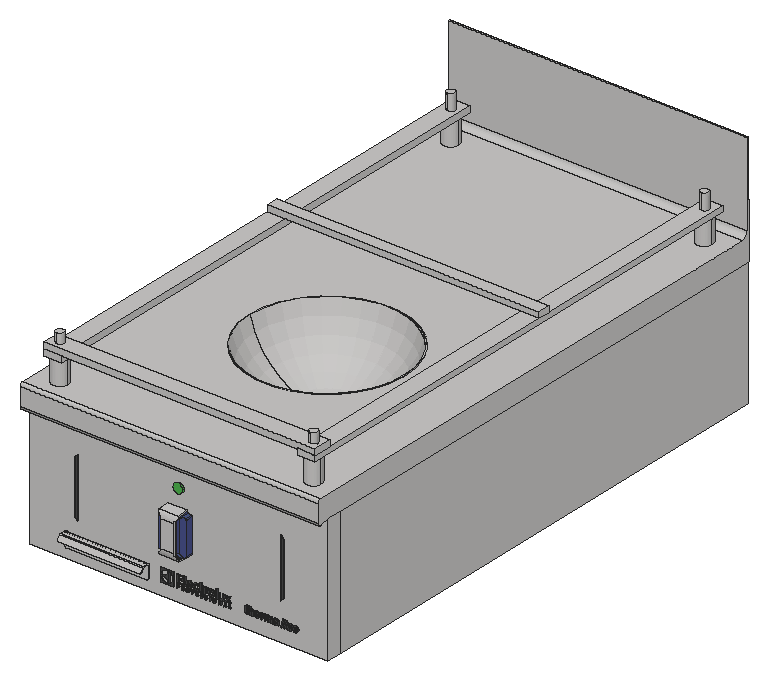
Revit family "QF_ELECTROLUXPROFESSIONAL_589928_HCIHBBEODM", category Specialty Equipment, Revit 2023
Family settings
  Round Connector Dimension = Use Diameter
  Part Type = Normal
  Work Plane-Based = No
  Enable Cutting in Views = No
  Always vertical = Yes
  Cut with Voids When Loaded = No
  Maintain Annotation Orientation = No
  Shared = No
  Room Calculation Point = No
Parameters (values of type "Standard")
  Weight = 50.00 kg
  Watts = 0 W
  Volts = 440 V
  URL Manufacturer = "http://www.electroluxprofessional.com"
  URL = "http://www.electroluxprofessional.com"
  ThermaLine_Logo_Visible [instance] = yes
  Steam Supply Size = 0"
  Steam Supply Minimum Pressure = 0.00 psi
  Steam Supply Maximum Pressure = 0.00 psi
  Steam Consumption per Hour = 0
  Refrigeration Suction Line Size = 0 mm
  Refrigeration Liquid Line Size = 0 mm
  Refrigerant Compressor Remote = yes
  Default Elevation = 0 mm
  Phase = 3
  Model = "HCIHBBEODM"
  Manufacturer = "Electrolux Professional"
  Length Actual = 500 mm
  Item Number = "589928"
  Hot Water Size = 0"
  Height Actual = 250 mm
  HP = "6.7 HP"
  Gas Size = 0"
  Gas KW = 0
  Gas Input Pressure = 0.0 Btu/h
  Electrolux_Logo_Visible [instance] = yes
  Direct Waste Size = 0"
  Description = "INDUCTION WOK, 1 ZONE, 1-SIDE, SPLASHBACK, 500X900X250H MARINE USPHS (ONLY M2M)"
  Depth Actual = 900 mm
  Cycle = 60 Hz
  Condensate Return Size = 0"
  Compressed Air Volume = 0 GPM
  Compressed Air Size = 0"
  Compressed Air Pressure = 0.00 psi
  Cold Water Size = 0"
  Accessory = no
Reference planes
  plane 1 "BACK": y = 0
  plane 2: z = 0
  plane 3 "LEFT": x = 0
  plane 4 "RIGHT": x = 500
  plane 5 "FRONT": y = -900
  plane 6 "TOP": z = 900
  plane 7 "Center (Left/Right)": x = 250
  plane 8 "Center (Back/Front)": y = -450
  plane 9: y = -150
  plane 10: x = 80
  plane 11: x = 420
  plane 12: y = -420
  plane 13 "EIx": x = 455
  plane 14 "EIy": y = -410
  plane 15: z = 938
  plane 16 "BaseTop": z = 650
  plane 17: y = -855
  plane 18 "CenterWok": z = 975
  plane 19 "CenterWokY": y = -570
Forms (mm)
  Extrusion 1, solid, material "QF_Finishes_Stainless Steel"
    sketch origin (0, 0, 650) x (-1, 0, 0) y (0, -1, 0)
      loop
        line (0, 0) -> (0, 855) -> (-500, 855) -> (-500, 0) -> (0, 0)
    from 0 to 212.969
  Extrusion 2, solid, material "QF_Finishes_Stainless Steel"
    sketch origin (0, 0, 650) x (-1, 0, 0) y (0, -1, 0)
      loop
        circle (-455, 410) r 6.35
    from 0 to -11.851
  Extrusion 3, solid, material "QF_Finishes_Stainless Steel"
    sketch origin (250, 296.4, 1219.2) x (0, 1, 0) y (0, 0, 1)
      loop
        arc (-1191.4, -319.2) -> (-1194.935, -320.664) -> (-1196.4, -324.2) r 5
        line (-1196.4, -324.2) -> (-1196.4, -355.2)
        arc (-1196.4, -355.2) -> (-1194.971, -358.264) -> (-1191.705, -359.139) r 4
        line (-1191.705, -359.139) -> (-1176.4, -356.231) -> (-296.4, -356.231) -> (-296.4, -169.2) -> (-298.4, -169.2) -> (-298.4, -309.2)
        arc (-298.4, -309.2) -> (-301.329, -316.271) -> (-308.4, -319.2) r 10
        line (-308.4, -319.2) -> (-1191.4, -319.2)
    from -250 to 250
  Revolve 4, void
    sketch origin (0, -570, 0) x (-1, 0, 0) y (0, 0, 1)
      loop
        line (-250, 900) -> (-250, 796.046)
        arc (-250, 796.046) -> (-166.56, 825.209) -> (-119.452, 900) r 133.95
        line (-119.452, 900) -> (-250, 900)
      axis (-250, 900) -> (-250, 796.046)
    angle from 0 to 360
  Revolve 5, solid, material "QF_Finishes_Stainless Steel"
    sketch origin (0, -570, 0) x (-1, 0, 0) y (0, 0, 1)
      loop
        arc (-120.643, 900) -> (-167.423, 826.111) -> (-250, 797.321) r 132.823
        line (-250, 797.321) -> (-250, 796.252)
        arc (-250, 796.252) -> (-166.66, 825.351) -> (-119.546, 900) r 133.892
        line (-119.546, 900) -> (-120.643, 900)
      axis (-250, 796.252) -> (-250, 900)
    angle from 0 to 360
  Extrusion 6, solid, material "QF_Finishes_Stainless Steel"
    sketch origin (0, 0, 900) x (-1, 0, 0) y (0, -1, 0)
      loop
        line (-22.542, 24.974) -> (-22.542, 879) -> (-52.542, 879) -> (-52.542, 24.974) -> (-22.542, 24.974)
      loop
        line (-477.542, 24.974) -> (-447.542, 24.974) -> (-447.542, 879) -> (-477.542, 879) -> (-477.542, 24.974)
      loop
        circle (-37.542, 44.974) r 6.5
      loop
        circle (-462.542, 44.974) r 6.5
      loop
        circle (-462.542, 863.974) r 6.5
      loop
        circle (-37.458, 863.974) r 6.5
    from 40 to 50
  Extrusion 7, solid, material "QF_Finishes_Stainless Steel"
    sketch origin (97.542, 0.026, 960) x (0, 1, 0) y (-1, 0, 0)
      loop
        line (-390.026, 75) -> (-410.026, 75) -> (-410.026, -380) -> (-390.026, -380) -> (-390.026, 75)
      loop
        line (-849.026, -380) -> (-849.026, 75) -> (-879.026, 75) -> (-879.026, -380) -> (-849.026, -380)
    from -10 to 0
  Extrusion 8, solid, material "QF_Finishes_Stainless Steel"
    sketch origin (97.542, -0.974, 900) x (-1, 0, 0) y (0, -1, 0)
      loop
        circle (60, 44) r 13
      loop
        circle (-365, 44) r 13
      loop
        circle (60, 863) r 13
      loop
        circle (-365, 863) r 13
    from 0 to 40
  Extrusion 9, solid, material "QF_Finishes_Stainless Steel"
    sketch origin (97.542, -0.974, 940) x (0, 1, 0) y (-1, 0, 0)
      loop
        circle (-863, 60) r 6.5
      loop
        circle (-863, -365) r 6.5
      loop
        circle (-44, 60) r 6.5
      loop
        circle (-44, -365) r 6.5
    from 0 to 35
  Extrusion 10, solid, material "QF_Clearances", detail levels coarse
    sketch origin (0, -900, 0) x (1, 0, 0) y (0, 0, 1)
      loop
        line (0, 650) -> (0, 630) -> (500, 630) -> (500, 650) -> (0, 650)
    from -20 to -70
Cuts and joins
  Revolve 4 cuts Extrusion 3
  Revolve 4 cuts Extrusion 1
Lines and regions (mm)
  symbolic lines
    curve 1: line (0, 0, 100) -> (500, 0, 100)
    curve 2: line (0, -900, 100) -> (0, 0, 100)
    curve 3: line (500, -900, 100) -> (0, -900, 100)
    curve 4: line (500, 0, 100) -> (500, -900, 100)
    curve 5: circle (250, -570, 0) r 135 normal (0, 0, 1)
    curve 6: line (22.542, -59.974, 900) -> (22.542, -24.974, 900)
    curve 7: line (477.542, -24.974, 900) -> (477.542, -59.974, 900)
    curve 8: line (22.542, -390, 900) -> (477.542, -390, 900)
    curve 9: line (22.542, -410, 900) -> (22.542, -390, 900)
    curve 10: line (477.542, -410, 900) -> (22.542, -410, 900)
    curve 11: line (477.542, -390, 900) -> (477.542, -410, 900)
    curve 12: line (22.542, -849, 900) -> (477.542, -849, 900)
    curve 13: line (22.542, -879, 900) -> (22.542, -849, 900)
    curve 14: line (477.542, -879, 900) -> (22.542, -879, 900)
    curve 15: line (477.542, -849, 900) -> (477.542, -879, 900)
    curve 16: line (22.542, -59.974, 900) -> (22.542, -390, 900)
    curve 17: line (22.542, -410, 900) -> (22.542, -849, 900)
    curve 18: line (477.542, -849, 900) -> (477.542, -410, 900)
    curve 19: line (477.542, -390, 900) -> (477.542, -59.974, 900)
    curve 20: line (447.542, -24.974, 900) -> (447.542, -390, 900)
    curve 21: line (447.542, -410, 900) -> (447.542, -849, 900)
    curve 22: line (52.542, -390, 900) -> (52.542, -24.974, 900)
    curve 23: circle (37.542, -44.974, 900) r 6.5 normal (0, 0, 1)
    curve 24: circle (462.542, -44.974, 900) r 6.5 normal (0, 0, 1)
    curve 25: circle (37.542, -863.974, 900) r 6.5 normal (0, 0, 1)
    curve 26: circle (462.542, -863.974, 900) r 6.5 normal (0, 0, 1)
    curve 27: line (52.542, -849, 900) -> (52.542, -410, 900)
    curve 28: line (22.542, -24.974, 900) -> (52.542, -24.974, 900)
    curve 29: line (477.542, -24.974, 900) -> (447.542, -24.974, 900)
Dimensions and locks
  plane 3 "LEFT" to plane 4 "RIGHT" = 500 mm
  plane 5 "FRONT" to plane 1 "BACK" = 900 mm
  equal spacing: plane 3 "LEFT", plane 7 "Center (Left/Right)", plane 4 "RIGHT"
  equal spacing: plane 5 "FRONT", plane 8 "Center (Back/Front)", plane 1 "BACK"
  plane 6 "TOP" to level = 900 mm  (x2)
  plane 1 "BACK" to plane 9 = 150 mm
  plane 1 "BACK" to Extrusion 2 = 410 mm
  locked: plane 13 "EIx" to plane 4 "RIGHT" at 45
  plane 14 "EIy" to plane 1 "BACK" = 410 mm
  plane 15 to plane 6 "TOP" = 38 mm
  plane 3 "LEFT" to plane 10 = 80 mm
  plane 11 to plane 4 "RIGHT" = 80 mm
  locked: plane 6 "TOP" to plane 16 "BaseTop" at 250
  locked: plane 17 to plane 5 "FRONT" at 45
  plane 18 "CenterWok" to plane 6 "TOP" = 75 mm  (x2)
  plane 5 "FRONT" to plane 19 "CenterWokY" = 330 mm
  aligned and locked: level to plane 2
  aligned and locked: nested 1 to plane 17
  aligned and locked: Extrusion 1 to plane 17
  aligned and locked: plane 3 "LEFT" to nested 1
  aligned and locked: cut or joined group of Extrusion 1, Revolve 4 to plane 16 "BaseTop"
  aligned and locked: cut or joined group of Extrusion 1, Revolve 4 to cut or joined group of Extrusion 3, Revolve 4
Automatic sketch dimensions
  Extrusion 2 sketch curve to plane 13 "EIx" = 0 mm
  Extrusion 2 sketch curve to plane 14 "EIy" = 0 mm
  curve 5 to plane 7 "Center (Left/Right)" = 0 mm
  curve 5 to plane 19 "CenterWokY" = 0 mm
  plane 1 "BACK" to curve 1 = 0 mm
  curve 1 to plane 4 "RIGHT" = 0 mm
  curve 3 to plane 3 "LEFT" = 0 mm
  plane 5 "FRONT" to curve 3 = 0 mm
  Revolve 4 sketch curve to plane 7 "Center (Left/Right)" = 0 mm  (x2)
  Revolve 4 sketch curve to plane 6 "TOP" = 0 mm
  Revolve 4 sketch curve to plane 10 = 39.452 mm
  Revolve 4 sketch curve to plane 6 "TOP" = 103.954 mm
  Revolve 4 sketch curve to Revolve 4 sketch curve = 0 mm
  plane 18 "CenterWok" to Revolve 4 sketch curve = 139.996 mm
  Revolve 5 sketch curve to Revolve 5 sketch curve = 0 mm  (x2)
  Revolve 5 sketch curve to plane 7 "Center (Left/Right)" = 0 mm  (x2)
  Revolve 5 sketch curve to plane 6 "TOP" = 0 mm
  Revolve 5 sketch curve to plane 10 = 40.643 mm
  Revolve 5 sketch curve to Revolve 5 sketch curve = 1.098 mm
  Revolve 5 sketch curve to plane 6 "TOP" = 102.679 mm
  Revolve 5 sketch curve to Revolve 5 sketch curve = 3.331 mm
  plane 15 to Revolve 5 sketch curve = 2.653 mm
  Extrusion 1 sketch curve to plane 4 "RIGHT" = 0 mm
  Extrusion 1 sketch curve to plane 3 "LEFT" = 0 mm
  Extrusion 1 sketch curve to plane 17 = 0 mm
  Extrusion 8 sketch curve to plane 13 "EIx" = 7.542 mm  (x2)
  Extrusion 8 sketch curve to plane 17 = 8.974 mm  (x2)
  plane 3 "LEFT" to Extrusion 8 sketch curve = 37.542 mm  (x2)
  Extrusion 9 sketch curve to plane 17 = 8.974 mm  (x2)
  Extrusion 9 sketch curve to plane 13 "EIx" = 7.542 mm  (x2)
  plane 3 "LEFT" to Extrusion 9 sketch curve = 37.542 mm  (x2)
  plane 10 to Extrusion 10 sketch curve = 80 mm
  Extrusion 10 sketch curve to plane 4 "RIGHT" = 0 mm
  Extrusion 10 sketch curve to plane 16 "BaseTop" = 20 mm
  Extrusion 10 sketch curve to plane 18 "CenterWok" = 325 mm
  Extrusion 7 sketch curve to plane 5 "FRONT" = 21 mm
  Extrusion 7 sketch curve to plane 12 = 10 mm
  Extrusion 7 sketch curve to Extrusion 7 sketch curve = 20 mm
  plane 4 "RIGHT" to Extrusion 7 sketch curve = 22.458 mm  (x2)
  plane 3 "LEFT" to Extrusion 7 sketch curve = 22.542 mm  (x2)
  plane 17 to Extrusion 7 sketch curve = 6 mm
  plane 4 "RIGHT" to curve 29 = 22.458 mm
  curve 24 to plane 13 "EIx" = 7.542 mm
  curve 26 to plane 17 = 8.974 mm
  curve 26 to plane 13 "EIx" = 7.542 mm
  plane 10 to curve 22 = 27.458 mm
  curve 22 to curve 23 = 15 mm
  curve 25 to plane 17 = 8.974 mm
  plane 3 "LEFT" to curve 25 = 37.542 mm
  plane 3 "LEFT" to curve 9 = 22.542 mm
  plane 17 to curve 15 = 6 mm
  curve 17 to plane 12 = 10 mm
  curve 11 to curve 10 = 20 mm
  curve 24 to curve 7 = 15 mm
  curve 23 to curve 6 = 15 mm
  plane 1 "BACK" to curve 28 = 24.974 mm
  plane 1 "BACK" to curve 29 = 24.974 mm
  curve 14 to plane 5 "FRONT" = 21 mm
  plane 13 "EIx" to curve 21 = 7.458 mm
  plane 13 "EIx" to curve 20 = 7.458 mm
  curve 27 to curve 22 = 0 mm
  plane 4 "RIGHT" to Extrusion 6 sketch curve = 22.458 mm
  Extrusion 6 sketch curve to plane 13 "EIx" = 7.542 mm  (x2)
  plane 13 "EIx" to Extrusion 6 sketch curve = 7.458 mm
  plane 10 to Extrusion 6 sketch curve = 27.458 mm
  Extrusion 6 sketch curve to Extrusion 6 sketch curve = 15 mm
  Extrusion 6 sketch curve to plane 17 = 8.974 mm  (x2)
  Extrusion 6 sketch curve to Extrusion 6 sketch curve = 15.084 mm
  Extrusion 6 sketch curve to Extrusion 6 sketch curve = 14.916 mm
  plane 1 "BACK" to Extrusion 6 sketch curve = 24.974 mm  (x2)
  Extrusion 6 sketch curve to plane 5 "FRONT" = 21 mm  (x2)
  plane 1 "BACK" to Extrusion 1 sketch curve = 0 mm
  curve 22 to curve 23 = 20 mm
  curve 20 to curve 24 = 20 mm
  Extrusion 6 sketch curve to Extrusion 6 sketch curve = 20 mm  (x2)
  plane 1 "BACK" to Extrusion 8 sketch curve = 44.974 mm  (x2)
  plane 1 "BACK" to Extrusion 9 sketch curve = 44.974 mm  (x2)
  Extrusion 3 sketch curve to plane 5 "FRONT" = 0 mm
  Extrusion 3 sketch curve to plane 6 "TOP" = 0 mm
  Extrusion 3 sketch curve to plane 1 "BACK" = 0 mm
  Extrusion 3 sketch curve to Extrusion 3 sketch curve = 4 mm
  Extrusion 3 sketch curve to Extrusion 3 sketch curve = 0.695 mm
  Extrusion 3 sketch curve to plane 5 "FRONT" = 5 mm
  Extrusion 3 sketch curve to Extrusion 3 sketch curve = 15.305 mm
  plane 1 "BACK" to Extrusion 3 sketch curve = 2 mm
  Extrusion 3 sketch curve to Extrusion 3 sketch curve = 31 mm
  Extrusion 3 sketch curve to plane 6 "TOP" = 37.031 mm
  plane 6 "TOP" to Extrusion 3 sketch curve = 10 mm
  plane 18 "CenterWok" to Extrusion 3 sketch curve = 75 mm
  radius of Extrusion 2 sketch curve = 6.35 mm
  radius of curve 5 = 135 mm
  radius of Extrusion 8 sketch curve = 13 mm  (x4)
  radius of Extrusion 9 sketch curve = 6.5 mm  (x4)
  radius of curve 23 = 6.5 mm
  radius of curve 24 = 6.5 mm
  radius of curve 25 = 6.5 mm
  radius of curve 26 = 6.5 mm
  radius of Extrusion 6 sketch curve = 6.5 mm  (x4)
Nested families
  nested 1: "Front_Panel_W500_1 Knob_Maniglia" at (-147.624, -855, 0), type "Front_Panel_W500_1 Knob_Maniglia"
  nested 2: "ELX_Professional_Logo_Small" at (279.486, -880, 681.68) x (1, 0, 0) z (0, -1, 0), visible <- "Electrolux_Logo_Visible", type "ELX_Professional_Logo_Small"
    with Show Logo yes, Material_Logo QF_Finishes_Black
  nested 3: "ELX_ThermaLine_Small" at (401.407, -880, 679.447) x (1, 0, 0) z (0, -1, 0), visible <- "ThermaLine_Logo_Visible", type "ELX_ThermaLine_Small"
    with Show Logo yes, Material_Logo QF_Finishes_Black
Connectors
  electrical at (455, -410, 638.149)
    settings: on Extrusion 2, index 1, voltage 400 V, apparent load 33000 VA, apparent load phase1 0 VA, apparent load phase2 0 VA, apparent load phase3 0 VA, power factor 1, load classification "Other", number of poles 1, system type 30, power factor state 1, is connector primary yes, connector utility no, sub classification motor no, connector description "ELECTRICAL CONNECTION"
Definition of nested family "Front_Panel_W500_1 Knob_Maniglia"
  Parameters (values of type "Front_Panel_W500_1 Knob_Maniglia")
    Width = 500 mm
    Default Elevation = 0 mm
  Reference planes
    plane 1 "Center (Front/Back)": y = 0
    plane 2: z = 0
    plane 3 "Center (Left/Right)": x = 397.624
    plane 4 "Left": x = 147.624
    plane 5 "Right": x = 647.624
    plane 6: y = -45
    plane 7: y = -25
    plane 8: x = 572.624
    plane 9: x = 222.624
    plane 10: z = 650
    plane 11: z = 762
    plane 12: z = 822
  Forms (mm)
    Extrusion 1, solid
      sketch origin (833.217, 829.203, -1.25) x (0, 1, 0) y (0, 0, 1)
        loop
          line (-854.203, 651.25) -> (-829.203, 651.25) -> (-829.203, 864.25) -> (-854.203, 864.25) -> (-854.203, 651.25)
      from -685.593 to -185.593
    Extrusion 2, void
      sketch origin (0, 0, 0) x (1, 0, 0) y (0, 0, 1)
        loop
          line (222.624, 716.978) -> (227.624, 711.978) -> (227.624, 811.978) -> (222.624, 806.978) -> (222.624, 716.978)
        loop
          line (572.624, 806.978) -> (567.624, 811.978) -> (567.624, 711.978) -> (572.624, 716.978) -> (572.624, 806.978)
      from 23 to 25
    Extrusion 3, solid
      sketch origin (0, 0, 0) x (1, 0, 0) y (0, 0, 1)
        loop
          line (222.624, 716.978) -> (227.624, 711.978) -> (227.624, 811.978) -> (222.624, 806.978) -> (222.624, 716.978)
        loop
          line (572.624, 806.978) -> (567.624, 811.978) -> (567.624, 711.978) -> (572.624, 716.978) -> (572.624, 806.978)
      from 23 to 25
    Extrusion 4, solid
      sketch origin (65.226, 0, -6.594) x (1, 0, 0) y (0, 0, 1)
        loop
          circle (332.398, 828.594) r 8
      from 27 to 25
  Cuts and joins
    Extrusion 2 cuts Extrusion 1
  Dimensions and locks
    equal spacing: plane 5 "Right", plane 3 "Center (Left/Right)", plane 4 "Left"
    "Width": plane 5 "Right" to plane 4 "Left"
    plane 9 to plane 4 "Left" = 75 mm
    plane 5 "Right" to plane 8 = 75 mm
    aligned and locked: cut or joined group of Extrusion 1, Extrusion 2 to plane 4 "Left"
    aligned and locked: plane 5 "Right" to cut or joined group of Extrusion 1, Extrusion 2
    aligned and locked: plane 3 "Center (Left/Right)" to nested 1
  Automatic sketch dimensions
    Extrusion 1 sketch curve to plane 7 = 0 mm
    Extrusion 1 sketch curve to plane 1 "Center (Front/Back)" = 0 mm
    Extrusion 1 sketch curve to plane 10 = 0 mm
    plane 12 to Extrusion 1 sketch curve = 41 mm
    Extrusion 2 sketch curve to plane 9 = 0 mm
    Extrusion 2 sketch curve to plane 8 = 0 mm
    plane 9 to Extrusion 2 sketch curve = 5 mm
    Extrusion 2 sketch curve to plane 8 = 5 mm
    Extrusion 2 sketch curve to plane 11 = 50.022 mm  (x2)
    Extrusion 2 sketch curve to Extrusion 2 sketch curve = 5 mm  (x4)
    Extrusion 2 sketch curve to plane 12 = 15.022 mm  (x2)
    Extrusion 3 sketch curve to plane 9 = 0 mm
    Extrusion 3 sketch curve to plane 8 = 0 mm
    plane 9 to Extrusion 3 sketch curve = 5 mm
    Extrusion 3 sketch curve to plane 8 = 5 mm
    Extrusion 3 sketch curve to plane 11 = 50.022 mm  (x2)
    Extrusion 3 sketch curve to Extrusion 3 sketch curve = 5 mm  (x4)
    Extrusion 3 sketch curve to plane 12 = 15.022 mm  (x2)
    Extrusion 4 sketch curve to plane 12 = 0 mm
    Extrusion 4 sketch curve to plane 3 "Center (Left/Right)" = 0 mm
    radius of Extrusion 4 sketch curve = 8 mm
  Nested families
    nested 1: "Range Control Handle" at (397.624, -28.137, -209.113) x (-1, 0, 0) z (0, 0, 1), type "Range Control Handle"
    nested 2: "QF_ELECTROLUXPROFESSIONAL_Maniglia140x25" at (277.624, -25, 678.5) x (1, 0, 0) z (0, -1, 0), type "QF_ELECTROLUXPROFESSIONAL_Maniglia140x25"
      with Show Clearance yes
  Definition of nested family "Range Control Handle"
    Parameters (values of type "Range Control Handle")
      Default Elevation = 0 mm
    Reference planes
      plane 1 "Center (Front/Back)": y = 0
      plane 2: z = 0
      plane 3 "Center (Left/Right)": x = 0
      plane 4: z = 971.092
      plane 5: y = -16.9
    Forms (mm)
      Extrusion 1, solid
        sketch origin (-746.28, 380.497, 208.931) x (-1, 0, 0) y (0, 0, 1)
          loop
            line (-770.101, 786.798) -> (-770.101, 731.649)
            arc (-770.101, 731.649) -> (-769.759, 730.563) -> (-768.855, 729.87) r 1.893
            line (-768.855, 729.87) -> (-763.474, 727.911) -> (-729.81, 727.911) -> (-724.428, 729.87)
            arc (-724.428, 729.87) -> (-723.525, 730.563) -> (-723.183, 731.649) r 1.893
            line (-723.183, 731.649) -> (-723.183, 786.798)
            arc (-723.183, 786.798) -> (-723.529, 787.894) -> (-724.44, 788.593) r 1.91
            line (-724.44, 788.593) -> (-729.683, 790.819) -> (-763.601, 790.819) -> (-768.844, 788.593)
            arc (-768.844, 788.593) -> (-769.755, 787.894) -> (-770.101, 786.798) r 1.91
        from -397.397 to -378.852
      Sweep 2, solid
        path origin (-746.788, 380.496, 208.091) x (0, -1, 0) y (0, 0, 1)
          loop
            line (379.775, 793.281) -> (395.661, 791.048)
            arc (395.661, 791.048) -> (397.781, 787.377) -> (398.517, 783.202) r 12.207
            line (398.517, 783.202) -> (398.517, 737.368)
            arc (398.517, 737.368) -> (397.781, 733.193) -> (395.661, 729.522) r 12.207
            line (395.661, 729.522) -> (379.775, 727.289)
        profile origin (-746.788, -7.222, 1000.256) x (0, -0.139173, 0.990268) y (-1, 0, 0)
          loop
            line (0.782, -763.123) -> (0.782, -730.907) -> (-1.322, -730.907) -> (-1.322, -763.123) -> (0.782, -763.123)
      Sweep 3, solid
        path origin (-746.788, 380.715, 207.832) x (0, -1, 0) y (0, 0, 1)
          loop
            line (380.478, 795.442) -> (397.218, 793.09)
            arc (397.218, 793.09) -> (399.929, 788.473) -> (400.871, 783.202) r 15.207
            line (400.871, 783.202) -> (400.871, 737.584)
            arc (400.871, 737.584) -> (399.914, 732.274) -> (397.164, 727.633) r 15.207
            line (397.164, 727.633) -> (380.601, 725.305)
        profile origin (-746.788, -8.132, 1002.099) x (0, -0.139173, 0.990268) y (-1, 0, 0)
          loop
            line (0.782, -763.123) -> (0.782, -730.907) -> (-1.322, -730.907) -> (-1.322, -763.123) -> (0.782, -763.123)
      Extrusion 4, void
        sketch origin (889.253, 220.666, 207.993) x (1, 0, 0) y (0, 0, 1)
          loop
            line (-943.038, 816.854) -> (-943.038, 703.686) -> (-899.466, 734.196) -> (-899.466, 786.344) -> (-943.038, 816.854)
        from 230.636 to 242.25
      Extrusion 5, void
        sketch origin (-888.8, 220.666, 207.993) x (-1, 0, 0) y (0, 0, -1)
          loop
            line (-943.038, -816.854) -> (-899.466, -786.344) -> (-899.466, -734.196) -> (-943.038, -703.686) -> (-943.038, -816.854)
        from 230.636 to 242.25
      Extrusion 6, solid
        sketch origin (0, 0, 0) x (1, 0, 0) y (0, 0, 1)
          loop
            circle (0, 971.092) r 7.736
        from -3.137 to -1.645
    Cuts and joins
      Extrusion 4, Extrusion 5 cuts Sweep 3
      Extrusion 4, Extrusion 5 cuts Sweep 2
      Extrusion 4, Extrusion 5 cuts Extrusion 1
      joined: Extrusion 1, Extrusion 6
    Lines and regions (mm)
      symbolic lines
        curve 1: line (16.334, -16.9, 0) -> (16.334, -19.227, 0)
        curve 2: spline (16.334, -19.227, 0) -> (15.87, -19.385, 0) -> (15.404, -19.536, 0) -> (14.936, -19.678, 0) -> (14.466, -19.813, 0) -> (13.995, -19.94, 0) -> (13.523, -20.059, 0) -> (13.049, -20.171, 0) -> (12.575, -20.274, 0) -> (12.099, -20.37, 0) -> (11.622, -20.458, 0) -> (11.144, -20.537, 0) -> (10.666, -20.609, 0)
        curve 3: line (10.666, -16.9, 0) -> (10.666, -20.938, 0)
        curve 4: line (-10.213, -20.938, 0) -> (10.666, -20.938, 0)
        curve 5: line (-10.213, -20.938, 0) -> (-10.213, -16.9, 0)
        curve 6: spline (-10.213, -20.609, 0) -> (-10.691, -20.537, 0) -> (-11.169, -20.458, 0) -> (-11.646, -20.37, 0) -> (-12.122, -20.274, 0) -> (-12.597, -20.171, 0) -> (-13.07, -20.059, 0) -> (-13.542, -19.94, 0) -> (-14.013, -19.813, 0) -> (-14.483, -19.678, 0) -> (-14.951, -19.536, 0) -> (-15.417, -19.385, 0) -> (-15.881, -19.227, 0)
        curve 7: line (-15.881, -19.227, 0) -> (-15.881, -16.9, 0)
  Definition of nested family "QF_ELECTROLUXPROFESSIONAL_Maniglia140x25"
    Parameters (values of type "QF_ELECTROLUXPROFESSIONAL_Maniglia140x25")
      Show Clearance [instance] = yes
      Default Elevation = 0 mm
    Reference planes
      plane 1 "Centro (Fronte/Retro)": y = 0
      plane 2: z = 0
      plane 3 "Centro (Sinistra/Destra)": x = 0
      plane 4: z = 45
      plane 5: z = 190
    Forms (mm)
      Extrusion 1, solid
        sketch origin (0, 0, 0) x (1, 0, 0) y (0, 1, 0)
          loop
            line (-300, 264.759) -> (-300, -290.478) -> (279.788, -290.478) -> (279.788, 264.759) -> (-300, 264.759)
        from 0 to -10
      Extrusion 2, solid
        sketch origin (0, 0, 0) x (0, 1, 0) y (0, 0, 1)
          loop
            arc (10.5, 0) -> (11.914, 0.586) -> (12.5, 2) r 2
            line (12.5, 2) -> (12.5, 10.926)
            arc (12.5, 10.926) -> (12.232, 11.926) -> (11.5, 12.658) r 2
            line (11.5, 12.658) -> (3.897, 17.047) -> (3.397, 16.181) -> (10.75, 11.936)
            arc (10.75, 11.936) -> (11.299, 11.387) -> (11.5, 10.637) r 1.5
            line (11.5, 10.637) -> (11.5, 2.499)
            arc (11.5, 2.499) -> (11.061, 1.439) -> (10.001, 1) r 1.499
            line (10.001, 1) -> (-12.5, 1) -> (-12.5, 0) -> (10.5, 0)
        from -70 to 70
      Extrusion 3, void
        sketch origin (0, 0, 0) x (1, 0, 0) y (0, 1, 0)
          loop
            line (-70, -12.5) -> (-67, -12.5)
            arc (-67, -12.5) -> (-69.121, -11.621) -> (-70, -9.5) r 3
            line (-70, -9.5) -> (-70, -12.5)
          loop
            line (70, -12.5) -> (70, -9.5)
            arc (70, -9.5) -> (69.121, -11.621) -> (67, -12.5) r 3
            line (67, -12.5) -> (70, -12.5)
        from 0 to 1.61
      Extrusion 4, void
        sketch origin (0, 15.897, 0) x (1, 0, 0) y (0, 1, 0)
          loop
            line (-70, -12.5) -> (-67, -12.5)
            arc (-67, -12.5) -> (-69.121, -11.621) -> (-70, -9.5) r 3
            line (-70, -9.5) -> (-70, -12.5)
          loop
            line (70, -12.5) -> (70, -9.5)
            arc (70, -9.5) -> (69.121, -11.621) -> (67, -12.5) r 3
            line (67, -12.5) -> (70, -12.5)
        from 17.313 to 14.099
    Cuts and joins
      Extrusion 3, Extrusion 4 cuts Extrusion 2
    Dimensions and locks
      plane 4 to level = 45 mm
      plane 5 to plane 4 = 145 mm
      aligned and locked: plane 2 to Extrusion 1
      aligned and locked: level to Extrusion 1
Definition of nested family "ELX_Professional_Logo_Small"
  Parameters (values of type "ELX_Professional_Logo_Small")
    Show Logo [instance] = yes
    Material_Logo [instance] = none
    Default Elevation = 0 mm
  Reference planes
    plane 1 "Centro (Fronte/Retro)": y = 0
    plane 2: z = 0
    plane 3 "Centro (Sinistra/Destra)": x = 0
  Forms (mm)
    Extrusion 1, solid
      sketch origin (0, 0, 0) x (1, 0, 0) y (0, 1, 0)
        loop
          line (-1219.2, 1219.2) -> (-1219.2, -1219.2) -> (1219.2, -1219.2) -> (1219.2, 1219.2) -> (-1219.2, 1219.2)
      from 0 to -304.8
    Extrusion 2, solid, material <- "Material_Logo"
      sketch origin (15.5, 0, 0) x (1, 0, 0) y (0, 1, 0)
        loop
          spline (-42.99, -1.24) -> (-43.195, -1.231) -> (-43.415, -1.203) -> (-43.642, -1.152) -> (-43.87, -1.074) -> (-44.095, -0.966) -> (-44.309, -0.825) -> (-44.506, -0.647) -> (-44.681, -0.429) -> (-44.828, -0.167) -> (-44.94, 0.142) -> (-45.011, 0.501) -> (-45.037, 0.915)
          line (-45.037, 0.915) -> (-45.037, 2.748) -> (-38.984, 2.748) -> (-38.984, 5.086) -> (-45.038, 5.086) -> (-45.038, 8.489) -> (-38.599, 8.489) -> (-38.599, 10.82) -> (-47.515, 10.82) -> (-47.515, 1.021)
          spline (-47.515, 1.021) -> (-47.493, 0.418) -> (-47.425, -0.15) -> (-47.311, -0.682) -> (-47.15, -1.175) -> (-46.939, -1.628) -> (-46.678, -2.038) -> (-46.365, -2.404) -> (-46, -2.723) -> (-45.58, -2.995) -> (-45.105, -3.216) -> (-44.573, -3.385) -> (-43.983, -3.499)
          line (-43.983, -3.499) -> (-43.01, -3.569) -> (-38.426, -3.569) -> (-38.426, -1.24) -> (-42.99, -1.24)
        loop
          line (-36.666, 4.021) -> (-36.666, -3.573) -> (-34.188, -3.573) -> (-34.188, 10.824) -> (-36.666, 10.824) -> (-36.666, 4.021)
        loop
          spline (-21.915, 1.897) -> (-21.957, 2.615) -> (-22.082, 3.303) -> (-22.285, 3.955) -> (-22.563, 4.564) -> (-22.913, 5.124) -> (-23.331, 5.629) -> (-23.814, 6.074) -> (-24.359, 6.451) -> (-24.961, 6.755) -> (-25.618, 6.98) -> (-26.326, 7.119) -> (-27.081, 7.167)
          spline (-27.081, 7.167) -> (-27.853, 7.122) -> (-28.586, 6.99) -> (-29.275, 6.774) -> (-29.915, 6.478) -> (-30.5, 6.104) -> (-31.024, 5.657) -> (-31.483, 5.138) -> (-31.871, 4.553) -> (-32.182, 3.904) -> (-32.411, 3.194) -> (-32.552, 2.427) -> (-32.6, 1.606)
          spline (-32.6, 1.606) -> (-32.553, 0.805) -> (-32.416, 0.057) -> (-32.193, -0.637) -> (-31.887, -1.271) -> (-31.504, -1.843) -> (-31.048, -2.35) -> (-30.523, -2.788) -> (-29.934, -3.154) -> (-29.284, -3.444) -> (-28.579, -3.656) -> (-27.822, -3.785) -> (-27.019, -3.829)
          spline (-27.019, -3.829) -> (-26.627, -3.82) -> (-26.239, -3.79) -> (-25.856, -3.739) -> (-25.477, -3.663) -> (-25.103, -3.562) -> (-24.734, -3.432) -> (-24.369, -3.273) -> (-24.01, -3.082) -> (-23.655, -2.858) -> (-23.305, -2.597) -> (-22.96, -2.299) -> (-22.621, -1.962)
          line (-22.621, -1.962) -> (-24.114, -0.509)
          spline (-24.114, -0.509) -> (-24.311, -0.699) -> (-24.509, -0.872) -> (-24.71, -1.03) -> (-24.915, -1.172) -> (-25.126, -1.297) -> (-25.346, -1.407) -> (-25.576, -1.5) -> (-25.817, -1.576) -> (-26.072, -1.636) -> (-26.342, -1.678) -> (-26.629, -1.704) -> (-26.936, -1.713)
          spline (-26.936, -1.713) -> (-27.384, -1.691) -> (-27.805, -1.625) -> (-28.196, -1.518) -> (-28.556, -1.372) -> (-28.882, -1.187) -> (-29.174, -0.966) -> (-29.429, -0.71) -> (-29.645, -0.422) -> (-29.821, -0.102) -> (-29.955, 0.247) -> (-30.045, 0.623) -> (-30.089, 1.026)
          line (-30.089, 1.026) -> (-21.956, 1.026) -> (-21.915, 1.897)
        loop
          spline (-24.446, 2.769) -> (-24.47, 3.075) -> (-24.54, 3.37) -> (-24.654, 3.65) -> (-24.807, 3.913) -> (-24.996, 4.156) -> (-25.219, 4.376) -> (-25.472, 4.57) -> (-25.753, 4.736) -> (-26.057, 4.869) -> (-26.382, 4.968) -> (-26.724, 5.03) -> (-27.081, 5.051)
          spline (-27.081, 5.051) -> (-27.464, 5.03) -> (-27.832, 4.97) -> (-28.183, 4.872) -> (-28.513, 4.74) -> (-28.819, 4.577) -> (-29.099, 4.384) -> (-29.347, 4.165) -> (-29.563, 3.923) -> (-29.742, 3.659) -> (-29.881, 3.377) -> (-29.977, 3.079) -> (-30.027, 2.769)
          line (-30.027, 2.769) -> (-24.446, 2.769)
        loop
          spline (-18.167, 1.669) -> (-18.138, 2.13) -> (-18.055, 2.567) -> (-17.921, 2.978) -> (-17.739, 3.358) -> (-17.512, 3.705) -> (-17.243, 4.016) -> (-16.937, 4.287) -> (-16.596, 4.517) -> (-16.223, 4.7) -> (-15.823, 4.835) -> (-15.398, 4.919) -> (-14.951, 4.947)
          spline (-14.951, 4.947) -> (-14.677, 4.938) -> (-14.414, 4.913) -> (-14.162, 4.871) -> (-13.921, 4.812) -> (-13.69, 4.738) -> (-13.467, 4.649) -> (-13.254, 4.544) -> (-13.048, 4.424) -> (-12.85, 4.291) -> (-12.659, 4.143) -> (-12.474, 3.981) -> (-12.295, 3.806)
          line (-12.295, 3.806) -> (-10.76, 5.403)
          spline (-10.76, 5.403) -> (-11.065, 5.709) -> (-11.38, 5.984) -> (-11.703, 6.228) -> (-12.035, 6.443) -> (-12.375, 6.63) -> (-12.723, 6.788) -> (-13.078, 6.92) -> (-13.44, 7.026) -> (-13.809, 7.107) -> (-14.184, 7.164) -> (-14.564, 7.198) -> (-14.951, 7.209)
          spline (-14.951, 7.209) -> (-15.725, 7.161) -> (-16.467, 7.02) -> (-17.169, 6.792) -> (-17.826, 6.482) -> (-18.43, 6.096) -> (-18.976, 5.637) -> (-19.455, 5.112) -> (-19.862, 4.525) -> (-20.19, 3.882) -> (-20.433, 3.189) -> (-20.584, 2.449) -> (-20.635, 1.669)
          spline (-20.635, 1.669) -> (-20.584, 0.889) -> (-20.433, 0.149) -> (-20.19, -0.545) -> (-19.862, -1.187) -> (-19.455, -1.774) -> (-18.976, -2.299) -> (-18.43, -2.758) -> (-17.826, -3.145) -> (-17.169, -3.454) -> (-16.467, -3.682) -> (-15.725, -3.823) -> (-14.951, -3.871)
          spline (-14.951, -3.871) -> (-14.564, -3.86) -> (-14.184, -3.826) -> (-13.809, -3.77) -> (-13.44, -3.689) -> (-13.078, -3.583) -> (-12.723, -3.451) -> (-12.375, -3.292) -> (-12.035, -3.105) -> (-11.703, -2.89) -> (-11.38, -2.646) -> (-11.065, -2.371) -> (-10.76, -2.066)
          line (-10.76, -2.066) -> (-12.295, -0.468)
          spline (-12.295, -0.468) -> (-12.474, -0.643) -> (-12.659, -0.805) -> (-12.85, -0.953) -> (-13.048, -1.087) -> (-13.254, -1.206) -> (-13.467, -1.311) -> (-13.69, -1.4) -> (-13.921, -1.475) -> (-14.162, -1.533) -> (-14.414, -1.575) -> (-14.677, -1.6) -> (-14.951, -1.609)
          spline (-14.951, -1.609) -> (-15.398, -1.581) -> (-15.823, -1.497) -> (-16.223, -1.362) -> (-16.596, -1.179) -> (-16.937, -0.95) -> (-17.243, -0.678) -> (-17.512, -0.367) -> (-17.739, -0.02) -> (-17.921, 0.36) -> (-18.055, 0.771) -> (-18.138, 1.208) -> (-18.167, 1.669)
        loop
          spline (-4.441, -1.243) -> (-4.659, -1.247) -> (-4.894, -1.23) -> (-5.137, -1.19) -> (-5.384, -1.121) -> (-5.628, -1.021) -> (-5.864, -0.884) -> (-6.084, -0.708) -> (-6.283, -0.488) -> (-6.454, -0.219) -> (-6.592, 0.101) -> (-6.69, 0.478) -> (-6.742, 0.914)
          line (-6.742, 0.914) -> (-6.742, 4.587) -> (-4.487, 4.587) -> (-4.487, 6.838) -> (-6.738, 6.838) -> (-6.738, 10.824) -> (-9.217, 10.824) -> (-9.217, 0.773)
          spline (-9.217, 0.773) -> (-9.164, 0.19) -> (-9.068, -0.358) -> (-8.928, -0.87) -> (-8.742, -1.343) -> (-8.511, -1.777) -> (-8.232, -2.168) -> (-7.904, -2.515) -> (-7.527, -2.816) -> (-7.098, -3.069) -> (-6.618, -3.273) -> (-6.084, -3.426) -> (-5.496, -3.525)
          line (-5.496, -3.525) -> (-4.45, -3.573) -> (-4.441, -1.243)
        loop
          spline (3.898, 6.983) -> (3.469, 7.009) -> (3.056, 7.001) -> (2.661, 6.961) -> (2.283, 6.888) -> (1.925, 6.785) -> (1.588, 6.652) -> (1.272, 6.49) -> (0.979, 6.301) -> (0.71, 6.085) -> (0.465, 5.844) -> (0.247, 5.578) -> (0.056, 5.289)
          line (0.056, 5.289) -> (0.056, 6.838) -> (-2.402, 6.838) -> (-2.402, -3.572) -> (0.056, -3.572) -> (0.056, 1.901)
          spline (0.056, 1.901) -> (0.079, 2.316) -> (0.145, 2.703) -> (0.254, 3.06) -> (0.404, 3.386) -> (0.592, 3.679) -> (0.818, 3.938) -> (1.08, 4.162) -> (1.375, 4.348) -> (1.703, 4.495) -> (2.062, 4.602) -> (2.45, 4.668) -> (2.865, 4.69)
          line (2.865, 4.69) -> (3.898, 4.586) -> (3.898, 6.983)
        loop
          spline (15.638, 1.633) -> (15.586, 2.396) -> (15.435, 3.124) -> (15.192, 3.81) -> (14.863, 4.449) -> (14.455, 5.034) -> (13.975, 5.56) -> (13.43, 6.021) -> (12.826, 6.411) -> (12.17, 6.724) -> (11.469, 6.955) -> (10.729, 7.098) -> (9.958, 7.147)
          spline (9.958, 7.147) -> (9.182, 7.098) -> (8.44, 6.955) -> (7.737, 6.724) -> (7.081, 6.411) -> (6.477, 6.021) -> (5.933, 5.56) -> (5.454, 5.034) -> (5.048, 4.449) -> (4.721, 3.81) -> (4.479, 3.124) -> (4.329, 2.396) -> (4.277, 1.633)
          spline (4.277, 1.633) -> (4.329, 0.869) -> (4.479, 0.141) -> (4.721, -0.544) -> (5.048, -1.183) -> (5.454, -1.768) -> (5.933, -2.294) -> (6.477, -2.755) -> (7.081, -3.145) -> (7.737, -3.459) -> (8.44, -3.69) -> (9.182, -3.833) -> (9.958, -3.882)
          spline (9.958, -3.882) -> (10.729, -3.833) -> (11.469, -3.69) -> (12.17, -3.459) -> (12.826, -3.145) -> (13.43, -2.755) -> (13.975, -2.294) -> (14.455, -1.768) -> (14.863, -1.183) -> (15.192, -0.544) -> (15.435, 0.141) -> (15.586, 0.869) -> (15.638, 1.633)
        loop
          spline (13.18, 1.633) -> (13.151, 2.083) -> (13.067, 2.513) -> (12.932, 2.918) -> (12.748, 3.296) -> (12.52, 3.642) -> (12.251, 3.954) -> (11.943, 4.227) -> (11.601, 4.459) -> (11.228, 4.645) -> (10.828, 4.782) -> (10.403, 4.867) -> (9.958, 4.896)
          spline (9.958, 4.896) -> (9.509, 4.867) -> (9.081, 4.782) -> (8.679, 4.645) -> (8.306, 4.459) -> (7.964, 4.227) -> (7.658, 3.954) -> (7.39, 3.642) -> (7.163, 3.296) -> (6.981, 2.918) -> (6.847, 2.513) -> (6.765, 2.083) -> (6.736, 1.633)
          spline (6.736, 1.633) -> (6.765, 1.182) -> (6.847, 0.753) -> (6.981, 0.347) -> (7.163, -0.031) -> (7.39, -0.377) -> (7.658, -0.689) -> (7.964, -0.962) -> (8.306, -1.193) -> (8.679, -1.38) -> (9.081, -1.517) -> (9.509, -1.602) -> (9.958, -1.631)
          spline (9.958, -1.631) -> (10.403, -1.602) -> (10.828, -1.517) -> (11.228, -1.38) -> (11.601, -1.193) -> (11.943, -0.962) -> (12.251, -0.689) -> (12.52, -0.377) -> (12.748, -0.031) -> (12.932, 0.347) -> (13.067, 0.753) -> (13.151, 1.182) -> (13.18, 1.633)
        loop
          line (17.162, 4.269) -> (17.162, -3.573) -> (19.642, -3.573) -> (19.642, 10.824) -> (17.162, 10.824) -> (17.162, 4.269)
        loop
          line (28.581, 6.838) -> (28.581, 0.786)
          spline (28.581, 0.786) -> (28.561, 0.393) -> (28.503, 0.038) -> (28.409, -0.279) -> (28.281, -0.559) -> (28.122, -0.802) -> (27.933, -1.011) -> (27.717, -1.185) -> (27.476, -1.325) -> (27.213, -1.433) -> (26.929, -1.509) -> (26.626, -1.554) -> (26.308, -1.569)
          spline (26.308, -1.569) -> (25.99, -1.554) -> (25.688, -1.509) -> (25.404, -1.434) -> (25.141, -1.326) -> (24.9, -1.187) -> (24.684, -1.014) -> (24.496, -0.807) -> (24.336, -0.565) -> (24.209, -0.288) -> (24.115, 0.026) -> (24.057, 0.376) -> (24.037, 0.765)
          line (24.037, 0.765) -> (24.037, 6.838) -> (21.537, 6.838) -> (21.537, 0.558)
          spline (21.537, 0.558) -> (21.581, -0.153) -> (21.71, -0.8) -> (21.916, -1.384) -> (22.195, -1.904) -> (22.54, -2.362) -> (22.944, -2.757) -> (23.403, -3.09) -> (23.909, -3.362) -> (24.456, -3.572) -> (25.04, -3.722) -> (25.652, -3.811) -> (26.288, -3.841)
          spline (26.288, -3.841) -> (26.929, -3.811) -> (27.547, -3.72) -> (28.135, -3.568) -> (28.687, -3.355) -> (29.197, -3.079) -> (29.66, -2.741) -> (30.068, -2.341) -> (30.415, -1.877) -> (30.696, -1.349) -> (30.905, -0.757) -> (31.034, -0.101) -> (31.079, 0.621)
          line (31.079, 0.621) -> (31.079, 6.838) -> (28.581, 6.838)
        loop
          line (40.457, -0.243) -> (38.894, 1.942) -> (40.83, 4.579) -> (42.488, 6.837) -> (39.782, 6.837) -> (37.53, 3.719) -> (35.258, 6.837) -> (32.573, 6.837) -> (34.113, 4.731) -> (36.167, 1.922) -> (34.014, -1.076) -> (32.222, -3.573) -> (34.887, -3.573) -> (37.53, 0.104) -> (40.174, -3.573) -> (42.839, -3.573) -> (40.457, -0.243)
        loop
          line (-46.121, -5.837) -> (-48.039, -5.837) -> (-48.039, -10.814) -> (-47.016, -10.814) -> (-47.016, -9.128) -> (-46.121, -9.128)
          arc (-46.121, -9.128) -> (-44.476, -7.482) -> (-46.121, -5.837) r 1.645
        loop
          line (-46.163, -6.778) -> (-47.016, -6.778) -> (-47.016, -8.187) -> (-46.163, -8.187)
          arc (-46.163, -8.187) -> (-45.458, -7.482) -> (-46.163, -6.778) r 0.704
        loop
          line (-38.313, -5.837) -> (-40.265, -5.837) -> (-40.265, -10.814) -> (-39.241, -10.814) -> (-39.241, -9.1) -> (-38.46, -9.182) -> (-37.48, -10.814) -> (-36.318, -10.814) -> (-37.513, -8.848)
          arc (-37.513, -8.848) -> (-36.888, -8.266) -> (-36.671, -7.441) r 1.536
          arc (-36.671, -7.441) -> (-37.165, -6.305) -> (-38.313, -5.837) r 1.643
        loop
          arc (-38.402, -8.166) -> (-37.707, -7.505) -> (-38.334, -6.778) r 0.696
          line (-38.334, -6.778) -> (-39.241, -6.778) -> (-39.241, -8.166) -> (-38.402, -8.166)
        loop
          circle (-29.965, -8.325) r 2.585
        loop
          circle (-29.965, -8.325) r 1.64
        loop
          line (-23.1, -5.837) -> (-23.1, -10.814) -> (-22.076, -10.814) -> (-22.076, -8.768) -> (-20.204, -8.768) -> (-20.204, -7.828) -> (-22.076, -7.828) -> (-22.076, -6.778) -> (-20.024, -6.778) -> (-20.024, -5.837) -> (-23.1, -5.837)
        loop
          line (-15.802, -5.837) -> (-15.802, -9.2)
          arc (-15.802, -9.2) -> (-15.343, -10.34) -> (-14.209, -10.814) r 1.593
          line (-14.209, -10.814) -> (-12.602, -10.814) -> (-12.602, -10.027) -> (-14.004, -10.027)
          arc (-14.004, -10.027) -> (-14.552, -9.8) -> (-14.779, -9.252) r 0.775
          line (-14.779, -9.252) -> (-14.779, -8.424) -> (-12.789, -8.424) -> (-12.789, -7.642) -> (-14.779, -7.642) -> (-14.779, -6.778) -> (-12.651, -6.778) -> (-12.651, -5.837) -> (-15.802, -5.837)
        loop
          line (-5.909, -7.143) -> (-5.173, -6.638)
          arc (-5.173, -6.638) -> (-5.855, -5.974) -> (-6.781, -5.755) r 1.782
          arc (-6.781, -5.755) -> (-7.397, -5.878) -> (-7.944, -6.189) r 1.974
          arc (-7.944, -6.189) -> (-8.202, -6.5) -> (-8.317, -6.888) r 1.013
          arc (-8.317, -6.888) -> (-8.306, -7.341) -> (-8.192, -7.78) r 1.985
          arc (-8.192, -7.78) -> (-7.749, -8.259) -> (-7.171, -8.563) r 1.928
          arc (-7.171, -8.563) -> (-6.637, -8.779) -> (-6.131, -9.056) r 5.041
          arc (-6.131, -9.056) -> (-5.934, -9.387) -> (-6.09, -9.74) r 0.42
          arc (-6.09, -9.74) -> (-6.631, -9.96) -> (-7.204, -9.845) r 1.016
          arc (-7.204, -9.845) -> (-7.625, -9.603) -> (-7.889, -9.196) r 1.033
          line (-7.889, -9.196) -> (-8.67, -9.686)
          arc (-8.67, -9.686) -> (-8.361, -10.198) -> (-7.908, -10.589) r 1.914
          arc (-7.908, -10.589) -> (-7.334, -10.834) -> (-6.714, -10.896) r 2.063
          arc (-6.714, -10.896) -> (-5.947, -10.743) -> (-5.256, -10.376) r 2.696
          arc (-5.256, -10.376) -> (-4.95, -9.565) -> (-5.108, -8.712) r 1.618
          arc (-5.108, -8.712) -> (-5.448, -8.319) -> (-5.884, -8.035) r 1.876
          arc (-5.884, -8.035) -> (-6.434, -7.789) -> (-6.999, -7.577) r 9.883
          arc (-6.999, -7.577) -> (-7.325, -7.07) -> (-6.854, -6.694) r 0.45
          arc (-6.854, -6.694) -> (-6.329, -6.809) -> (-5.909, -7.143) r 1.197
        loop
          line (1.61, -7.143) -> (2.345, -6.638)
          arc (2.345, -6.638) -> (1.663, -5.974) -> (0.737, -5.755) r 1.782
          arc (0.737, -5.755) -> (0.121, -5.878) -> (-0.425, -6.189) r 1.974
          arc (-0.425, -6.189) -> (-0.683, -6.5) -> (-0.799, -6.888) r 1.013
          arc (-0.799, -6.888) -> (-0.788, -7.341) -> (-0.674, -7.78) r 1.985
          arc (-0.674, -7.78) -> (-0.231, -8.259) -> (0.347, -8.563) r 1.928
          arc (0.347, -8.563) -> (0.881, -8.779) -> (1.387, -9.056) r 5.041
          arc (1.387, -9.056) -> (1.584, -9.387) -> (1.428, -9.74) r 0.42
          arc (1.428, -9.74) -> (0.887, -9.96) -> (0.314, -9.845) r 1.016
          arc (0.314, -9.845) -> (-0.107, -9.603) -> (-0.371, -9.196) r 1.033
          line (-0.371, -9.196) -> (-1.152, -9.686)
          arc (-1.152, -9.686) -> (-0.842, -10.198) -> (-0.39, -10.589) r 1.914
          arc (-0.39, -10.589) -> (0.184, -10.834) -> (0.804, -10.896) r 2.063
          arc (0.804, -10.896) -> (1.572, -10.743) -> (2.263, -10.376) r 2.696
          arc (2.263, -10.376) -> (2.568, -9.565) -> (2.411, -8.712) r 1.618
          arc (2.411, -8.712) -> (2.07, -8.319) -> (1.635, -8.035) r 1.876
          arc (1.635, -8.035) -> (1.084, -7.789) -> (0.519, -7.577) r 9.883
          arc (0.519, -7.577) -> (0.193, -7.07) -> (0.665, -6.694) r 0.45
          arc (0.665, -6.694) -> (1.189, -6.809) -> (1.61, -7.143) r 1.197
        loop
          line (6.801, -5.837) -> (6.801, -10.814) -> (7.825, -10.814) -> (7.825, -5.837) -> (6.801, -5.837)
        loop
          circle (14.724, -8.325) r 1.548
        loop
          circle (14.724, -8.325) r 2.585
        loop
          line (21.59, -10.814) -> (22.623, -10.814) -> (22.623, -7.685) -> (24.9, -10.814) -> (25.895, -10.814) -> (25.895, -5.837) -> (24.861, -5.837) -> (24.861, -9.061) -> (22.585, -5.837) -> (21.59, -5.837) -> (21.59, -10.814)
        loop
          line (31.054, -10.814) -> (31.539, -9.74) -> (33.38, -9.74) -> (33.865, -10.814) -> (34.965, -10.814) -> (32.46, -5.837) -> (29.956, -10.814) -> (31.054, -10.814)
        loop
          line (32.46, -7.698) -> (31.999, -8.719) -> (32.921, -8.719) -> (32.46, -7.698)
        loop
          line (40.047, -9.873) -> (40.047, -5.837) -> (39.024, -5.837) -> (39.024, -10.814) -> (41.961, -10.814) -> (41.961, -9.873) -> (40.047, -9.873)
        loop
          line (-74.986, -10.814) -> (-53.322, -10.814) -> (-53.322, 10.82) -> (-74.986, 10.82) -> (-74.986, -10.814)
        loop
          line (-61.261, 9.758) -> (-61.261, -9.707)
          arc (-61.261, -9.707) -> (-54.066, 0.025) -> (-61.261, 9.758) r 10.18
        loop
          line (-62.251, 8.349) -> (-62.251, 9.758)
          arc (-62.251, 9.758) -> (-70.347, 7.918) -> (-74.247, 0.59) r 9.976
          line (-74.247, 0.59) -> (-71.026, 0.59)
          arc (-71.026, 0.59) -> (-65.274, 2.925) -> (-62.251, 8.349) r 9.351
        loop
          arc (-74.247, -0.539) -> (-70.353, -7.928) -> (-62.251, -9.957) r 10.237
          line (-62.251, -9.957) -> (-62.251, -8.298)
          arc (-62.251, -8.298) -> (-65.274, -2.874) -> (-71.026, -0.539) r 9.351
          line (-71.026, -0.539) -> (-74.247, -0.539)
      from 0 to 0.8
  Dimensions and locks
    aligned and locked: plane 2 to Extrusion 1
    aligned and locked: level to Extrusion 1
Definition of nested family "ELX_ThermaLine_Small"
  Parameters (values of type "ELX_ThermaLine_Small")
    Show Logo [instance] = yes
    Material_Logo [instance] = none
    Default Elevation = 0 mm
  Reference planes
    plane 1 "Centro (Fronte/Retro)": y = 0
    plane 2: z = 0
    plane 3 "Centro (Sinistra/Destra)": x = 0
  Forms (mm)
    Extrusion 1, solid
      sketch origin (0, 0, 0) x (1, 0, 0) y (0, 1, 0)
        loop
          line (-1219.2, 1219.2) -> (-1219.2, -1219.2) -> (1219.2, -1219.2) -> (1219.2, 1219.2) -> (-1219.2, 1219.2)
      from 0 to -304.8
    Extrusion 2, solid
      sketch origin (0, 0, 0) x (1, 0, 0) y (0, 1, 0)
        loop
          line (-37.494, 1.229) -> (-35.908, 1.229) -> (-35.908, 3.066) -> (-37.494, 3.066) -> (-37.494, 6.221) -> (-39.867, 4.881) -> (-39.867, 3.066) -> (-40.969, 3.066) -> (-40.969, 1.229) -> (-39.867, 1.229) -> (-39.867, -3.407)
          arc (-39.867, -3.407) -> (-38.982, -5.513) -> (-36.751, -6.001) r 2.478
          line (-36.751, -6.001) -> (-35.638, -5.7) -> (-35.9, -3.835) -> (-36.661, -4.039)
          arc (-36.661, -4.039) -> (-37.236, -3.924) -> (-37.494, -3.399) r 0.662
          line (-37.494, -3.399) -> (-37.494, 1.229)
        loop
          line (-34.242, 6.539) -> (-34.242, -5.848) -> (-31.854, -5.848) -> (-31.854, -0.078)
          arc (-31.854, -0.078) -> (-30.939, 1.249) -> (-29.33, 1.367) r 1.866
          arc (-29.33, 1.367) -> (-28.695, 0.768) -> (-28.461, -0.073) r 1.627
          line (-28.461, -0.073) -> (-28.461, -5.848) -> (-26.086, -5.848) -> (-26.064, -0.46)
          arc (-26.064, -0.46) -> (-26.261, 0.932) -> (-26.786, 2.237) r 5.825
          arc (-26.786, 2.237) -> (-29.381, 3.264) -> (-31.854, 1.971) r 3.353
          line (-31.854, 1.971) -> (-31.854, 6.539) -> (-34.242, 6.539)
        loop
          arc (-18.398, -0.598) -> (-18.893, 0.879) -> (-20.326, 1.487) r 1.897
          arc (-20.326, 1.487) -> (-21.461, 0.708) -> (-21.897, -0.598) r 2.164
          line (-21.897, -0.598) -> (-18.398, -0.598)
        loop
          arc (-16.021, -2.044) -> (-16.754, 1.227) -> (-19.444, 3.226) r 4.814
          arc (-19.444, 3.226) -> (-22.137, 2.788) -> (-23.943, 0.743) r 4.054
          arc (-23.943, 0.743) -> (-24.382, -1.249) -> (-24.162, -3.276) r 6.289
          arc (-24.162, -3.276) -> (-23.302, -4.71) -> (-21.958, -5.705) r 4.28
          arc (-21.958, -5.705) -> (-18.558, -5.814) -> (-16.152, -3.409) r 4.28
          line (-16.152, -3.409) -> (-18.5, -2.995)
          arc (-18.5, -2.995) -> (-19.273, -3.994) -> (-20.533, -4.076) r 1.536
          arc (-20.533, -4.076) -> (-21.56, -3.281) -> (-21.958, -2.044) r 2.197
          line (-21.958, -2.044) -> (-16.021, -2.044)
        loop
          line (-14.165, -5.848) -> (-11.819, -5.848) -> (-11.819, -2.138)
          arc (-11.819, -2.138) -> (-11.787, -1.156) -> (-11.637, -0.185) r 8.18
          arc (-11.637, -0.185) -> (-10.644, 0.972) -> (-9.132, 0.776) r 1.603
          line (-9.132, 0.776) -> (-8.419, 2.846)
          arc (-8.419, 2.846) -> (-10.432, 3.118) -> (-11.994, 1.821) r 2.527
          line (-11.994, 1.821) -> (-11.994, 3.094) -> (-14.165, 3.094) -> (-14.165, -5.848)
        loop
          line (-7.579, 3.094) -> (-7.579, -5.848) -> (-5.178, -5.848) -> (-5.178, -0.756)
          arc (-5.178, -0.756) -> (-4.727, 0.679) -> (-3.417, 1.419) r 2.05
          arc (-3.417, 1.419) -> (-2.499, 0.908) -> (-2.155, -0.085) r 1.471
          line (-2.155, -0.085) -> (-2.155, -5.848) -> (0.23, -5.848) -> (0.23, -1.001)
          arc (0.23, -1.001) -> (0.47, 0.127) -> (1.148, 1.061) r 2.775
          arc (1.148, 1.061) -> (2.225, 1.329) -> (3.05, 0.587) r 1.182
          arc (3.05, 0.587) -> (3.199, -0.019) -> (3.214, -0.642) r 2.894
          line (3.214, -0.642) -> (3.214, -5.848) -> (5.601, -5.848) -> (5.601, 0.261)
          arc (5.601, 0.261) -> (4.87, 2.263) -> (2.976, 3.241) r 2.932
          arc (2.976, 3.241) -> (1.284, 2.973) -> (-0.047, 1.896) r 3.309
          arc (-0.047, 1.896) -> (-1.116, 2.865) -> (-2.506, 3.258) r 3.16
          arc (-2.506, 3.258) -> (-4.105, 2.942) -> (-5.376, 1.92) r 3.419
          line (-5.376, 1.92) -> (-5.376, 3.094) -> (-7.579, 3.094)
        loop
          line (7.583, 0.738) -> (9.702, 0.364)
          arc (9.702, 0.364) -> (11.441, 1.492) -> (12.855, -0.023) r 1.613
          line (12.855, -0.023) -> (9.782, -0.789)
          arc (9.782, -0.789) -> (8.559, -1.346) -> (7.617, -2.305) r 3.687
          arc (7.617, -2.305) -> (7.499, -3.681) -> (7.901, -5.003) r 3.651
          arc (7.901, -5.003) -> (9.107, -5.766) -> (10.515, -6.006) r 3.635
          arc (10.515, -6.006) -> (11.898, -5.697) -> (13.067, -4.895) r 3.734
          line (13.067, -4.895) -> (13.376, -5.848) -> (15.75, -5.848) -> (15.212, -4.193) -> (15.212, 0.38)
          arc (15.212, 0.38) -> (14.897, 1.849) -> (13.818, 2.895) r 2.585
          arc (13.818, 2.895) -> (11.792, 3.442) -> (9.719, 3.11) r 5.005
          arc (9.719, 3.11) -> (8.369, 2.178) -> (7.583, 0.738) r 3.54
        loop
          line (19.723, -5.848) -> (22.233, -5.848) -> (24.854, 6.484) -> (22.345, 6.484) -> (19.723, -5.848)
        loop
          line (24.583, -5.848) -> (26.953, -5.848) -> (28.848, 3.066) -> (26.478, 3.066) -> (24.583, -5.848)
        loop
          line (27.204, 6.484) -> (26.741, 4.305) -> (29.111, 4.305) -> (29.575, 6.484) -> (27.204, 6.484)
        loop
          line (29.355, -5.848) -> (31.849, -5.848) -> (33.098, 0.028)
          arc (33.098, 0.028) -> (34.169, 1.306) -> (35.832, 1.422) r 2.132
          arc (35.832, 1.422) -> (36.324, 0.752) -> (36.383, -0.078) r 1.5
          line (36.383, -0.078) -> (35.157, -5.848) -> (37.536, -5.848) -> (38.936, 0.738)
          arc (38.936, 0.738) -> (38.775, 2.091) -> (37.825, 3.066) r 2.118
          arc (37.825, 3.066) -> (35.392, 3.175) -> (33.295, 1.937) r 4.271
          line (33.295, 1.937) -> (33.535, 3.066) -> (31.25, 3.066) -> (29.355, -5.848)
        loop
          line (42.792, -0.64) -> (46.589, -0.64)
          arc (46.589, -0.64) -> (46.639, 0.124) -> (46.327, 0.823) r 1.589
          arc (46.327, 0.823) -> (45.117, 1.521) -> (43.762, 1.183) r 1.865
          arc (43.762, 1.183) -> (43.141, 0.344) -> (42.792, -0.64) r 3.538
        loop
          line (42.565, -2.138) -> (48.593, -2.138)
          arc (48.593, -2.138) -> (48.58, 0.597) -> (46.983, 2.818) r 4.494
          arc (46.983, 2.818) -> (44.191, 3.28) -> (41.725, 1.891) r 4.26
          arc (41.725, 1.891) -> (40.503, -0.3) -> (40.284, -2.799) r 6.003
          arc (40.284, -2.799) -> (40.959, -4.468) -> (42.377, -5.576) r 3.482
          arc (42.377, -5.576) -> (44.265, -5.961) -> (46.152, -5.576) r 4.823
          arc (46.152, -5.576) -> (47.432, -4.731) -> (48.328, -3.485) r 4.245
          line (48.328, -3.485) -> (46.168, -3.105)
          arc (46.168, -3.105) -> (45.214, -4.072) -> (43.859, -4.181) r 1.953
          arc (43.859, -4.181) -> (42.821, -3.408) -> (42.565, -2.138) r 1.81
        loop
          line (12.868, -1.553) -> (10.216, -2.214)
          arc (10.216, -2.214) -> (9.747, -3.136) -> (10.216, -4.058) r 1.14
          arc (10.216, -4.058) -> (11.537, -4.249) -> (12.614, -3.46) r 1.763
          arc (12.614, -3.46) -> (12.858, -2.522) -> (12.868, -1.553) r 3.97
      from 0 to 0.8
  Dimensions and locks
    aligned and locked: plane 2 to Extrusion 1
    aligned and locked: level to Extrusion 1
